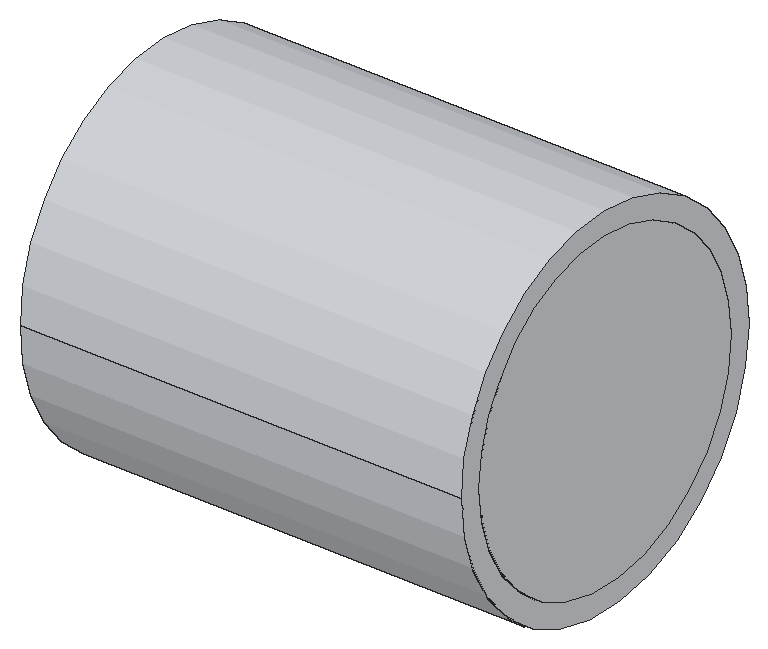
Revit family "КШГ-100", category Арматура трубопроводов, Revit 2020
Family settings
  Размер круглого соединителя = Использовать диаметр
  Тип детали = Клапан - Вставляется
  На основе рабочей плоскости = Нет
  Всегда вертикально = Да
  При загрузке вырезать с полостями = Нет
  Общий = Нет
Parameters
  Угол поворота УГО 3D [instance] = 90.00°
  Строительная длина [instance] = 305 mm
  Смещение от основы УГО 2D [instance] = Смещение основы УГО - Смещение УГО 2D  # 250 mm
  Смещение от основы УГО 3D [instance] = Смещение основы УГО - Смещение УГО 3D  # 250 mm
  Смещение основы УГО [instance] = 250 mm
  Смещение УГО 3D [instance] = 0 mm
  Смещение УГО 2D [instance] = 0 mm
  Отметка по умолчанию = 0 mm
  Длина УГО 3D [instance] = 100 mm
  Длина УГО 2D [instance] = 100 mm
  ADSK_Тип соединения = "фланцевое"
  ADSK_Тип крана по пропускной способности = "полнопроходной"
  ADSK_Строительная длина [instance] = Строительная длина  # 305 mm
  ADSK_Номинальное давление, МПа, не более = "2,5"
  ADSK_Наименование = "Кран шаровой газовый КШГ-100 ТУ BY 100270876.192-2017"
  ADSK_Материал наименование = "Сталь 10 ГОСТ 1050-2013"
  ADSK_Масса_Текст = "37,3 кг"
  ADSK_Марка = "КШГ-100"
  ADSK_Количество = 1
  ADSK_Код изделия = ""
  ADSK_Класс герметичности по ГОСТ 9544-2005 = "А"
  ADSK_Завод-изготовитель = "РУП \"БЕЛГАЗТЕХНИКА\""
  ADSK_Единица измерения = "шт."
Reference planes
  plane 1 "По центру (Вперед/Назад)": y = 0
  plane 2: z = 0
  plane 3 "По центру (Влево/Вправо)": x = 0
  plane 4 "Слева": x = -196
  plane 5 "Справа": x = 109
  plane 6: x = 0
  plane 7: x = 0
  plane 8: x = -250
Forms (mm)
  Extrusion 1, solid, detail levels fine
    sketch origin (0, 0, 0) x (0, 1, 0) y (0, 0, 1)
      loop
        circle (0, 0) r 57
    from -191 to -50.677
  Extrusion 2, solid, detail levels fine
    sketch origin (0, 0, 0) x (0, 1, 0) y (0, 0, 1)
      loop
        circle (0, 0) r 50
    from -191 to -50.677
Lines and regions (mm)
  reference lines
    curve 1: line (0, 0, 0) -> (0, 0, -380)
Dimensions and locks
  locked: plane 5 "Справа" to plane 3 "По центру (Влево/Вправо)" at 109
  "Строительная длина": plane 5 "Справа" to plane 4 "Слева"
  "Смещение основы УГО": plane 8 to plane 3 "По центру (Влево/Вправо)"
  "Смещение от основы УГО 2D": plane 8 to plane 6
  "Смещение от основы УГО 3D": plane 8 to plane 7
  "Угол поворота УГО 3D": angle level to curve 1
  aligned and locked: level to plane 2
  aligned and locked: plane 5 "Справа" to import instance
  aligned and locked: plane 4 "Слева" to import instance
  aligned and locked: Extrusion 1 to import instance
  aligned and locked: Extrusion 1 to Extrusion 2  (x2)
  aligned and locked: import instance to Extrusion 1
  aligned and locked: nested 1 to plane 6
  aligned and locked: plane 1 "По центру (Вперед/Назад)" to nested 1
  aligned and locked: plane 1 "По центру (Вперед/Назад)" to nested 2
  aligned and locked: nested 2 to plane 7
  aligned and locked: level to curve 1
  aligned and locked: plane 1 "По центру (Вперед/Назад)" to curve 1
Automatic sketch dimensions
  Extrusion 1 sketch curve to level = 0 mm
  Extrusion 1 sketch curve to plane 1 "По центру (Вперед/Назад)" = 0 mm
  Extrusion 2 sketch curve to level = 0 mm
  Extrusion 2 sketch curve to plane 1 "По центру (Вперед/Назад)" = 0 mm
  radius of Extrusion 1 sketch curve = 57 mm
  radius of Extrusion 2 sketch curve = 50 mm
Nested families
  nested 1: "Условное обозначение 2D" at (0, 0, 0), a <- "Длина УГО 2D", type "Условное обозначение 2D", detail levels coarse+medium
    with b 66.667 mm, a 100 mm
  nested 2: "Условное обозначение 3D" at (0, 0, 0) x (1, 0, 0) z (0, -1, 0), a <- "Длина УГО 3D", type "Условное обозначение 3D", detail levels coarse+medium
    with h 0.5 mm, b 66.667 mm, a 100 mm
Connectors
  piping at (109, 0, 0), diameter 100
    settings: index 1, connector inside diameter 609.6 mm, connector length 0 mm, flow factor 0, pipe flow 0.0 L/s, pressure drop 0.0 Pa, fitting loss kfactor 0, connector angle 0.00°, fixture units 0, engagement length 0 mm, angle of deflection 0.00°, flow configuration 0, flow direction 0, fitting loss method 0, system type 29, joint type 0, gender type 0, connector reference index 2, connector utility 0, adjustable connector no, is connector primary yes, connector description ""
  piping at (-196, 0, 0), diameter 100
    settings: index 2, connector inside diameter 609.6 mm, connector length 0 mm, flow factor 0, pipe flow 0.0 L/s, pressure drop 0.0 Pa, fitting loss kfactor 0, connector angle 0.00°, fixture units 0, engagement length 0 mm, angle of deflection 0.00°, flow configuration 0, flow direction 0, fitting loss method 0, system type 29, joint type 0, gender type 0, connector reference index 1, connector utility 0, adjustable connector no, is connector primary no, connector description ""
Definition of nested family "Условное обозначение 3D"
  Parameters (values of type "Условное обозначение 3D")
    Default Elevation = 1219.2 mm
    h [instance] = 5 mm
    b [instance] = 2 / 3 * a  # 120 mm
    a [instance] = 180 mm
  Reference planes
    plane 1 "По центру (Вперед/Назад)": y = 0
    plane 2: z = 0
    plane 3 "По центру (Влево/Вправо)": x = 0
    plane 4: x = -90
    plane 5: x = 90
    plane 6: y = -60
    plane 7: y = 60
    plane 8: x = -310
    plane 9: x = 170
  Forms (mm)
    Extrusion 1, solid
      sketch origin (0, 0, 0) x (1, 0, 0) y (0, 1, 0)
        loop
          line (0, 0) -> (-90, 60) -> (-90, -60) -> (0, 0)
      from 0 to 5
    Extrusion 2, solid
      sketch origin (0, 0, 0) x (-1, 0, 0) y (0, -1, 0)
        loop
          line (0, 0) -> (-90, 60) -> (-90, -60) -> (0, 0)
      from 0 to 0.5
  Lines and regions (mm)
    model lines
      curve 1: line (-310, 0, 0) -> (-90, 0, 0)
      curve 2: line (90, 0, 0) -> (170, 0, 0)
  Dimensions and locks
    equal spacing: plane 4, plane 3 "По центру (Влево/Вправо)", plane 5
    "a": plane 4 to plane 5
    equal spacing: plane 7, plane 1 "По центру (Вперед/Назад)", plane 6
    "b": plane 7 to plane 6
    locked: plane 8 to plane 4 at 220
    locked: plane 5 to plane 9 at 80
    "h": Extrusion 1 to Extrusion 1
    aligned and locked: level to plane 2
    aligned and locked: plane 8 to curve 1
    aligned and locked: plane 4 to curve 1
    aligned and locked: plane 1 "По центру (Вперед/Назад)" to curve 1
    aligned and locked: plane 5 to curve 2
    aligned and locked: plane 9 to curve 2
    aligned and locked: plane 1 "По центру (Вперед/Назад)" to curve 2
    aligned and locked: plane 4 to Extrusion 1
    aligned and locked: Extrusion 2 sketch curve to plane 5
  Automatic sketch dimensions
    Extrusion 1 sketch curve to plane 4 = 0 mm
    plane 1 "По центру (Вперед/Назад)" to Extrusion 1 sketch curve = 0 mm
    Extrusion 1 sketch curve to plane 3 "По центру (Влево/Вправо)" = 0 mm
    Extrusion 1 sketch curve to plane 6 = 0 mm
    Extrusion 1 sketch curve to plane 7 = 0 mm
    plane 1 "По центру (Вперед/Назад)" to Extrusion 2 sketch curve = 0 mm
    Extrusion 2 sketch curve to plane 3 "По центру (Влево/Вправо)" = 0 mm
    Extrusion 2 sketch curve to plane 6 = 0 mm
    Extrusion 2 sketch curve to plane 7 = 0 mm
Definition of nested family "Условное обозначение 2D"
  Parameters (values of type "Условное обозначение 2D")
    b [instance] = 2 / 3 * a  # 186.667 mm
    a [instance] = 280 mm
  Reference planes
    plane 1 "По центру (Вперед/Назад)": y = 0
    plane 2: z = 0
    plane 3 "По центру (Влево/Вправо)": x = 0
    plane 4: x = -140
    plane 5: x = 140
    plane 6: y = 93.333
    plane 7: y = -93.333
    plane 8: x = -360
    plane 9: x = 220
  Lines and regions (mm)
    Masking region 1, in view "Опорный уровень"
      outline origin (0, 0, 0) x (1, 0, 0) y (0, 1, 0)
        loop
          line (-140, -93.333) -> (0, 0) -> (-140, 93.333) -> (-140, -93.333)
    Masking region 2, in view "Опорный уровень"
      outline origin (0, 0, 0) x (0, 1, 0) y (-1, 0, 0)
        loop
          line (-93.333, -140) -> (93.333, -140) -> (0, 0) -> (-93.333, -140)
    detail lines, in view "Опорный уровень"
      curve 1: line (-360, 0, 0) -> (-140, 0, 0)
      curve 2: line (140, 0, 0) -> (220, 0, 0)
  Dimensions and locks
    equal spacing: plane 4, plane 3 "По центру (Влево/Вправо)", plane 5
    "a": plane 4 to plane 5
    equal spacing: plane 6, plane 1 "По центру (Вперед/Назад)", plane 7
    "b": plane 6 to plane 7
    locked: plane 8 to plane 4 at 220
    locked: plane 5 to plane 9 at 80
    aligned and locked: Masking region 1 sketch curve to plane 4
    aligned and locked: plane 5 to Masking region 2 sketch curve
    aligned and locked: plane 8 to curve 1
    aligned and locked: plane 4 to curve 1
    aligned and locked: plane 1 "По центру (Вперед/Назад)" to curve 1
    aligned and locked: plane 9 to curve 2
    aligned and locked: plane 5 to curve 2
    aligned and locked: plane 1 "По центру (Вперед/Назад)" to curve 2
  Automatic sketch dimensions
    plane 1 "По центру (Вперед/Назад)" to Masking region 1 sketch curve = 0 mm
    Masking region 1 sketch curve to plane 3 "По центру (Влево/Вправо)" = 0 mm
    Masking region 1 sketch curve to plane 7 = 0 mm
    Masking region 1 sketch curve to plane 6 = 0 mm
    Masking region 2 sketch curve to plane 7 = 0 mm
    plane 1 "По центру (Вперед/Назад)" to Masking region 2 sketch curve = 0 mm
    Masking region 2 sketch curve to plane 6 = 0 mm
    Masking region 2 sketch curve to plane 3 "По центру (Влево/Вправо)" = 0 mm
